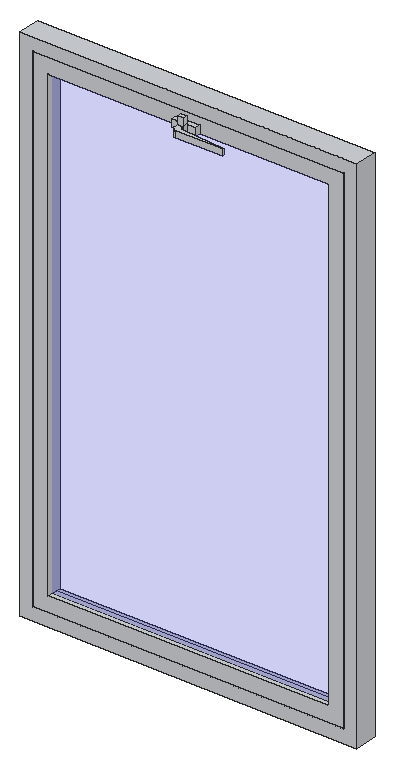
Revit family "Janela de tombar - 1 Painel", category Janelas, Revit 2019
Family settings
  Hospedeiro = Parede
  Número OmniClass = 23.30.20.00
  Título OmniClass = Windows
  Sempre na vertical = Sim
  Corte com vazios quando carregada = Não
  Compartilhado = Não
  Ponto de cálculo do ambiente = Não
Parameters
  Visual Light Transmittance = 0.9
  Solar Heat Gain Coefficient = 0.86
  Rough Width = Width  # 900 mm
  Rough Height = Height  # 1400 mm
  Largura da moldura do painel = 40 mm
  Espessura da moldura do painel = 40 mm
  ID do tipo de construção = ""
  Height = 1400 mm
  Coeficiente de transferência de calor (U) = 5.5617 W/(m²·K)
  Material do puxador = none
  H1 = Height - 2 * Largura da estrutura  # 1330 mm
  Vidro = none
  Largura da estrutura = 35 mm
  Espessura da moldura = 60 mm
  Material da moldura = none
  Altura-padrão do peitoril = 650 mm
  Fechamento da parede = Por hospedeiro
  Width = 900 mm
  Construção analítica = Janelas grandes envidraçadas únicas
Reference planes
  plane 1 "Centro (Frente/Trás)": y = 0
  plane 2 "Centro (Esquerda/Direita)": x = 0
  plane 3 "Esquerda": x = -450
  plane 4 "Direita": x = 450
  plane 5 "Peitoril": z = 650
  plane 6 "Extremidade superior": z = 2050
  plane 7 "Exterior": y = 100
  plane 8 "Interior": y = -100
  plane 9: z = 0
  plane 10: x = -415
  plane 11: x = 415
  plane 12: x = -375
  plane 13: x = 375
  plane 14: y = -40
  plane 15: y = -60
  plane 16: y = -80
  plane 17: z = 2015
  plane 18: z = 685
  plane 19: z = 1975
  plane 20: z = 725
  plane 21: x = -410
  plane 22: x = 410
  plane 23: z = 2010
  plane 24: z = 690
Forms (mm)
  Sweep 1, solid, material <- "Material da moldura", detail levels fine
    path origin (0, 100, 0) x (1, 0, 0) y (0, 0, 1)
      loop
        line (450, 2050) -> (-450, 2050) -> (-450, 650) -> (450, 650) -> (450, 2050)
    profile origin (-450, 100, 2050) x (0, -1, 0) y (1, 0, 0)
      loop
        line (140, 0) -> (200, 0) -> (200, 35) -> (140, 35) -> (140, 0)
  Sweep 2, solid, material <- "Material da moldura", detail levels fine
    path origin (0, 100, 0) x (1, 0, 0) y (0, 0, 1)
      loop
        line (415, 2015) -> (-415, 2015) -> (-415, 685) -> (415, 685) -> (415, 2015)
    profile origin (-415, 100, 2015) x (0, -1, 0) y (1, 0, 0)
      loop
        line (160, 0) -> (200, 0) -> (200, 40) -> (160, 40) -> (160, 0)
  Extrusion 3, solid, material <- "Vidro", detail levels fine
    sketch origin (0, 0, 0) x (1, 0, 0) y (0, 1, 0)
      loop
        line (-375, -73) -> (-375, -87) -> (375, -87) -> (375, -73) -> (-375, -73)
    from 725 to 1975
  Sweep 4, solid, material <- "Material da moldura", detail levels coarse+medium
    path origin (0, 100, 0) x (1, 0, 0) y (0, 0, 1)
      loop
        line (450, 2050) -> (-450, 2050) -> (-450, 650) -> (450, 650) -> (450, 2050)
    profile origin (-450, 100, 2050) x (0, -1, 0) y (1, 0, 0)
      loop
        line (160, 0) -> (200, 0) -> (200, 40) -> (160, 40) -> (160, 0)
  Extrusion 5, solid, material <- "Vidro", detail levels coarse+medium
    sketch origin (0, 0, 0) x (1, 0, 0) y (0, 1, 0)
      loop
        line (-410, -73) -> (-410, -87) -> (410, -87) -> (410, -73) -> (-410, -73)
    from 690 to 2010
Lines and regions (mm)
  Opening 1
    outline origin (3500, -100, 0) x (1, 0, 0) y (0, 0, 1)
      loop
        line (-3050, 650) -> (-3050, 2050) -> (-3950, 2050) -> (-3950, 650) -> (-3050, 650)
  symbolic lines, style "WindowsGlassProjection", detail levels coarse
    curve 1: line (-410, -80, 0) -> (410, -80, 0)
    curve 4: line (-450, -80, 2010) -> (-450, -80, 690)
  symbolic lines, style "WindowsGlassProjection", detail levels medium
    curve 2: line (-410, -73, 0) -> (410, -73, 0)
    curve 3: line (-410, -87, 0) -> (410, -87, 0)
    curve 5: line (-450, -73, 2010) -> (-450, -73, 690)
    curve 6: line (-450, -87, 690) -> (-450, -87, 2010)
  symbolic lines, style "Giro da elevação", detail levels coarse+medium
    curve 7: line (450, 100, 650) -> (0, 100, 2050)
    curve 8: line (0, 100, 2050) -> (-450, 100, 650)
  symbolic lines, style "Giro da elevação", detail levels fine
    curve 9: line (415, 100, 685) -> (0, 100, 2015)
    curve 10: line (0, 100, 2015) -> (-415, 100, 685)
  symbolic lines, style "Giro da planta", detail levels coarse+medium
    curve 11: line (450, -100, 650) -> (450, -222.018, 2044.673)
    curve 12: arc (450, -222.018, 2044.673) -> (450, -161.067, 2048.668) -> (450, -100, 2050) r 1400
  symbolic lines, style "Giro da planta", detail levels fine
    curve 13: line (450, -100, 685) -> (450, -215.917, 2009.939)
    curve 14: arc (450, -215.917, 2009.939) -> (450, -158.014, 2013.734) -> (450, -100, 2015) r 1330
Text (mm)
  text "EXTERIOR" at (-1963.203, 1332.353, 0), in view "Nível de referência"
  text "INTERIOR" at (-1981.466, -818.386, 0), in view "Nível de referência"
  text "Externo" at (0, 923.751, 2943.296), in view "Direita"
  text "Externo" at (0, 1040.484, 2685.409), in view "Esquerda"
Dimensions and locks
  equal spacing: plane 3 "Esquerda", plane 2 "Centro (Esquerda/Direita)", plane 4 "Direita"
  "Width": plane 3 "Esquerda" to plane 4 "Direita"
  "Height": plane 5 "Peitoril" to plane 6 "Extremidade superior"
  "Altura-padrão do peitoril": plane 5 "Peitoril" to level
  locked: plane 7 "Exterior" to host wall at 0
  locked: plane 8 "Interior" to host wall
  "Largura da estrutura": plane 3 "Esquerda" to plane 10
  "Largura da estrutura": plane 11 to plane 4 "Direita"
  "Largura da moldura do painel": plane 10 to plane 12
  "Largura da moldura do painel": plane 13 to plane 11
  "Espessura da moldura": plane 14 to plane 8 "Interior"
  "Espessura da moldura do painel": plane 15 to plane 8 "Interior"
  equal spacing: plane 15, plane 16, plane 8 "Interior"
  "Largura da estrutura": plane 17 to plane 6 "Extremidade superior"
  "Largura da estrutura": plane 5 "Peitoril" to plane 18
  Extrusion 3 sketch curve to plane 16 to Extrusion 3 sketch curve = 7 mm locked, 7 mm locked
  "Largura da moldura do painel": plane 19 to plane 17
  "Largura da moldura do painel": plane 18 to plane 20
  "Largura da moldura do painel": plane 3 "Esquerda" to plane 21
  "Largura da moldura do painel": plane 22 to plane 4 "Direita"
  Extrusion 5 sketch curve to plane 16 to Extrusion 5 sketch curve = 7 mm locked, 7 mm locked
  curve 3 to plane 16 to curve 2 = 7 mm locked, 7 mm locked
  "Largura da moldura do painel": plane 23 to plane 6 "Extremidade superior"
  "Largura da moldura do painel": plane 5 "Peitoril" to plane 24
  curve 5 to plane 16 to curve 6 = 7 mm locked, 7 mm locked
  plane 24 to plane 20 = 35 mm
  "Height": curve 11 to curve 11
  "H1": curve 13 to curve 13
  "Height": radius of curve 12
  "H1": radius of curve 14
  locked: curve 14 to curve 14 (angle 5.00°)
  locked: curve 12 to curve 12 (angle 5.00°)
  locked: plane 8 "Interior" to curve 13 (angle 5.00°)
  locked: plane 8 "Interior" to curve 11 (angle 5.00°)
  aligned and locked: level to plane 9
  aligned and locked: plane 4 "Direita" to Sweep 1 sketch curve
  aligned and locked: Sweep 1 sketch curve to plane 3 "Esquerda"  (x2)
  aligned and locked: plane 6 "Extremidade superior" to Sweep 1 sketch curve
  aligned and locked: Sweep 1 sketch curve to plane 5 "Peitoril"
  aligned and locked: Sweep 1 sketch curve to plane 14
  aligned and locked: Sweep 1 sketch curve to plane 8 "Interior"
  aligned and locked: Sweep 1 sketch curve to plane 10
  aligned and locked: Sweep 2 sketch curve to plane 17
  aligned and locked: plane 18 to Sweep 2 sketch curve
  aligned and locked: Sweep 2 sketch curve to plane 11
  aligned and locked: plane 10 to Sweep 2 sketch curve  (x2)
  aligned and locked: Sweep 2 sketch curve to plane 15
  aligned and locked: Sweep 2 sketch curve to plane 8 "Interior"
  aligned and locked: Sweep 2 sketch curve to plane 12
  aligned and locked: plane 12 to Extrusion 3 sketch curve
  aligned and locked: Extrusion 3 sketch curve to plane 13
  aligned and locked: plane 19 to Extrusion 3
  aligned and locked: Extrusion 3 to plane 20
  aligned and locked: plane 6 "Extremidade superior" to Sweep 4 sketch curve
  aligned and locked: Sweep 4 sketch curve to plane 5 "Peitoril"
  aligned and locked: Sweep 4 sketch curve to plane 3 "Esquerda"  (x2)
  aligned and locked: plane 4 "Direita" to Sweep 4 sketch curve
  aligned and locked: Sweep 4 sketch curve to plane 15
  aligned and locked: Sweep 4 sketch curve to plane 8 "Interior"
  aligned and locked: Sweep 4 sketch curve to plane 21
  aligned and locked: plane 21 to Extrusion 5 sketch curve
  aligned and locked: Extrusion 5 sketch curve to plane 22
  aligned and locked: curve 1 to plane 16
  aligned and locked: plane 21 to curve 1
  aligned and locked: plane 22 to curve 1
  aligned and locked: plane 22 to curve 2
  aligned and locked: plane 22 to curve 3
  aligned and locked: plane 21 to curve 2
  aligned and locked: plane 21 to curve 3
  aligned and locked: plane 23 to Extrusion 5  (x2)
  aligned and locked: Extrusion 5 to plane 24
  aligned and locked: plane 16 to curve 4
  aligned and locked: plane 24 to curve 4
  aligned and locked: plane 23 to curve 4
  aligned and locked: plane 23 to curve 6
  aligned and locked: plane 24 to curve 5
  aligned and locked: plane 24 to curve 6
  aligned and locked: plane 5 "Peitoril" to curve 7
  aligned and locked: plane 4 "Direita" to curve 7
  aligned and locked: plane 18 to curve 9
  aligned and locked: plane 11 to curve 9
  aligned and locked: plane 18 to curve 10
  aligned and locked: plane 10 to curve 10
  aligned and locked: plane 5 "Peitoril" to curve 8
  aligned and locked: plane 3 "Esquerda" to curve 8
  aligned and locked: plane 6 "Extremidade superior" to curve 8
  aligned and locked: plane 2 "Centro (Esquerda/Direita)" to curve 7
  aligned and locked: plane 17 to curve 10
  aligned and locked: plane 2 "Centro (Esquerda/Direita)" to curve 9
  aligned and locked: plane 5 "Peitoril" to curve 11
  aligned and locked: plane 8 "Interior" to curve 12
  aligned and locked: plane 5 "Peitoril" to curve 12
  aligned and locked: plane 18 to curve 13
  aligned and locked: plane 8 "Interior" to curve 13
  aligned and locked: plane 18 to curve 14
  aligned and locked: nested 1 to plane 19
  aligned and locked: plane 2 "Centro (Esquerda/Direita)" to nested 1
Automatic sketch dimensions
  Opening 1 sketch curve to plane 3 "Esquerda" = 0 mm
  Opening 1 sketch curve to plane 4 "Direita" = 0 mm
  Opening 1 sketch curve to plane 5 "Peitoril" = 0 mm
  Opening 1 sketch curve to plane 6 "Extremidade superior" = 0 mm
  curve 5 to plane 23 = 0 mm
Nested families
  nested 1: "Puxador da janela 2" at (0, -100, 1985) x (-1, 0, 0) z (0, -1, 0), type "Puxador da janela 2", detail levels fine
Definition of nested family "Puxador da janela 2"
  Parameters
    Material do puxador = none
    Default Elevation = 1219.2 mm
  Reference planes
    plane 1 "Centro (Frente/Trás)": y = 0
    plane 2: z = 0
    plane 3 "Centro (Esquerda/Direita)": x = 0
    plane 4: y = 10
    plane 5: y = -10
    plane 6: x = -32
    plane 7: x = 32
    plane 8: y = -30
    plane 9: x = -9
    plane 10: x = 9
    plane 11: z = 15
    plane 12: z = 25
    plane 13: z = 49
    plane 14: x = -130
    plane 15: z = 37
    plane 16: y = 8
  Forms (mm)
    Extrusion 1, solid
      sketch origin (0, 0, 0) x (1, 0, 0) y (0, 1, 0)
        loop
          line (-100, 100) -> (-100, -100) -> (100, -100) -> (100, 100) -> (-100, 100)
      from 0 to -50
    Extrusion 2, solid, material <- "Material do puxador"
      sketch origin (0, 0, 0) x (1, 0, 0) y (0, 1, 0)
        loop
          line (-32, 10) -> (-32, -10) -> (32, -10) -> (32, 10) -> (-32, 10)
      from 0 to 15
    Extrusion 3, solid
      sketch origin (0, 0, 0) x (1, 0, 0) y (0, 1, 0)
        loop
          line (-9, 8) -> (-9, -11.986) -> (-6.984, -30) -> (7.035, -30) -> (9, -11.986) -> (9, 8) -> (-9, 8)
      from 15 to 25
    Extrusion 4, solid
      sketch origin (0, 0, 0) x (1, 0, 0) y (0, 0, 1)
        loop
          arc (8, 35) -> (3.899, 44.899) -> (-6, 49) r 14
          line (-6, 49) -> (-130, 49) -> (-130, 44) -> (-13.671, 36.928)
          arc (-13.671, 36.928) -> (-9.641, 35.039) -> (-8, 30.902) r 6.037
          line (-8, 30.902) -> (-8, 25) -> (8, 25) -> (8, 35)
      from -8 to 8
  Dimensions and locks
    plane 6 to plane 3 "Centro (Esquerda/Direita)" to plane 7 = 32 mm locked, 32 mm locked
    locked: plane 8 to plane 5 at 20
    plane 4 to plane 1 "Centro (Frente/Trás)" to plane 5 = 10 mm locked, 10 mm locked
    locked: plane 9 to Extrusion 3 sketch curve at 2.016
    locked: Extrusion 3 sketch curve to plane 10 at 1.965
    locked: Extrusion 3 sketch curve to plane 5 at 1.986  (x2)
    locked: plane 11 to plane 2 at 15
    locked: plane 12 to plane 11 at 10
    locked: plane 13 to plane 12 at 24
    locked: plane 3 "Centro (Esquerda/Direita)" to plane 14 at 130
    locked: plane 4 to plane 16 at 2
    locked: Extrusion 4 to plane 1 "Centro (Frente/Trás)" at 8
    locked: plane 13 to plane 15 at 12
    locked: Extrusion 4 sketch curve to plane 9 at 1
    locked: plane 10 to Extrusion 4 sketch curve at 1
    locked: Extrusion 4 sketch curve to plane 12 at 10
    locked: Extrusion 4 sketch curve to Extrusion 4 sketch curve at 5.902
    radius of Extrusion 4 sketch curve = 14 mm
    radius of Extrusion 4 sketch curve = 6.037 mm
    aligned and locked: plane 2 to Extrusion 1
    aligned and locked: level to Extrusion 1
    aligned and locked: Extrusion 2 sketch curve to plane 4
    aligned and locked: plane 6 to Extrusion 2 sketch curve
    aligned and locked: Extrusion 2 sketch curve to plane 5
    aligned and locked: Extrusion 2 sketch curve to plane 7
    aligned and locked: Extrusion 3 sketch curve to plane 9
    aligned and locked: Extrusion 3 sketch curve to plane 10
    aligned and locked: plane 8 to Extrusion 3 sketch curve
    aligned and locked: Extrusion 3 to plane 11
    aligned and locked: plane 12 to Extrusion 3
    aligned and locked: plane 13 to Extrusion 4 sketch curve
    aligned and locked: plane 12 to Extrusion 4 sketch curve
    aligned and locked: Extrusion 4 sketch curve to plane 14
    aligned and locked: Extrusion 3 sketch curve to plane 16
    aligned and locked: plane 16 to Extrusion 4
